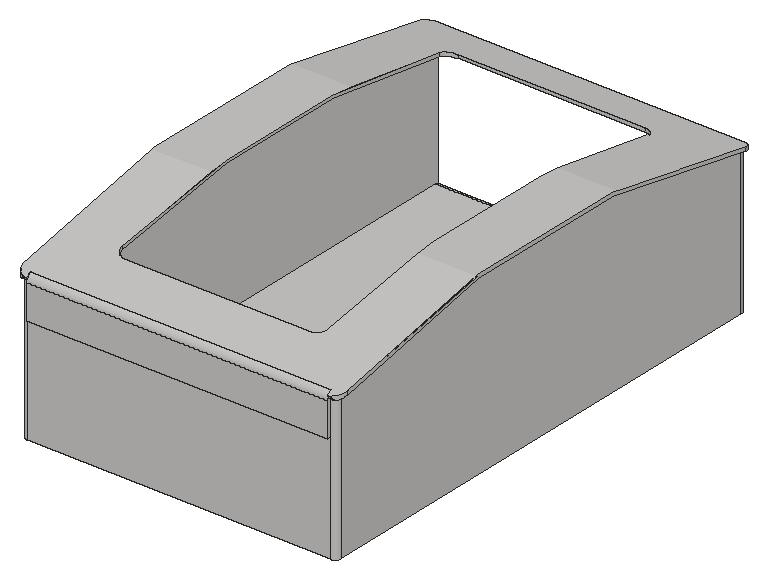
Revit family "PRD_AR_DspnsrsAndAccptncUnts_STRATOSHygieneBagDispenser_STR615", category Specialty Equipment, host Face, Revit 2020
Family settings
  Host = Face
  Round Connector Dimension = Use Diameter
  Part Type = Normal
  OmniClass Number = 23.40.20.21
  OmniClass Title = Toilet and Bath Specialties
  Cut with Voids When Loaded = No
  Shared = No
  Room Calculation Point = No
Parameters (values of type "STR615")
  WarrantyStartDate [instance] = "1900-12-31T23:59:59"
  WarrantyGuarantorParts = "n/a"
  WarrantyGuarantorLabor = "n/a"
  WarrantyDurationUnit = "year"
  WarrantyDurationParts = "n/a"
  WarrantyDurationLabor = "n/a"
  WarrantyDescription = "n/a"
  Version = "1"
  Uniclass2015Version = "Products v1.10"
  Uniclass2015Title = "Dispensers and acceptance units"
  Uniclass2015Code = "Pr_40_70_22"
  URL = "www.kwc-professional.com"
  TypeOfOperation = "Manual operation"
  TypeOfMounting = "Wall mounting"
  TypeOfFixing = "Screw"
  TypeOfConsumable = "Hygiene bag"
  TagNumber [instance] = "n/a"
  SustainabilityPerformance = "n/a"
  Style = "Hygiene bag dispenser"
  Size = "156 x 250 x 90 mm"
  Shape = "n/a"
  SerialNumber [instance] = "n/a"
  Revision = "n/a"
  ReplacementCost = "n/a"
  ProductInformation = "http://pim.kwc.com/product/3600008869/attachment/datasheet?locale=en"
  NominalWidth = 156.00 mm
  NominalHeight = 250.00 mm
  NominalDepth = 90.00 mm
  NetWeight = 1.44 kg
  Name = "STRATOS Hygiene Bag Dispenser STR615"
  NBSTypeID = "n/a"
  NBSReference = "n/a"
  NBSOfficeMasterTag = "n/a"
  NBSNote = "n/a"
  NBSDescription = "n/a"
  NBSCertification = "n/a"
  ModelReference = "STR615"
  ModelNumber = "3600008869"
  Model = ModelReference  # "STR615"
  MaterialThickness = "1.50 mm"
  MaterialCode = "1.4301"
  Material = "stainless steel"
  ManufacturerURL = "www.kwc-professional.com"
  ManufacturerName = "KWC Group Management AG"  # constant formula
  Manufacturer = ManufacturerName  # "KWC Group Management AG"
  MainColor = "stainless steel"
  Lock = "No lock"
  IsBuiltIn = "TRUE"
  IntegralAccessories = "incl. stainless steel screws and dowels"
  InstallationDate [instance] = "1900-12-31T23:59:59"
  IfcExportType = "USERDEFINED"
  IfcExportAs = "IfcFurnitureType"
  GrossWeight = 1.67 kg
  Grade = "n/a"
  Finish = "satin finished"
  FillingQuantityUom = "Pieces"
  FillingQuantity = "100"
  Features = "stainless steel, surface satin finished"
  ExpectedLife = "n/a"
  DurationUnit = "year"
  DispenserMaterial = PRD_AR_StainlessSteel_SatinFinished
  Description = "STRATOS hygienic bag dispenser for wall mounting, stainless steel, surface satin finished, material thickness 1.2 mm, curved front with inspection window, incl. mounting material."
  Default Elevation = 900.00 mm
  CreatedOn = "09/2024"  # constant formula
  Constituents = "n/a"
  Color = "n/a"
  CodePerformance = "n/a"
  Category = "Pr_40_70_22, Dispensers and acceptance units"
  BarCode [instance] = "n/a"
  BIMObjectName = "PRD_AR_DispensersAndAcceptanceUnits_STRATOSHygieneBagDispenser_STR615"
  Author = "Archispace"  # constant formula
  AssetType = "Fixed"
  AssetIdentifier [instance] = "n/a"
  AccessibilityPerformance = "n/a"
Reference planes
  plane 1 "Center (Front/Back)": y = 0
  plane 2: z = 0
  plane 3 "Center (Left/Right)": x = 0
Dimensions and locks
  aligned and locked: plane 2 to host face
  aligned and locked: level to host face
Nested families
  nested 1: "STRX615" at (0, 0, 0), type "STRX615"
Definition of nested family "STRX615"
  Parameters (values of type "FRK201069")
    Material = none
    Default Elevation = 1219.20 mm
  Reference planes
    plane 1 "Center (Front/Back)": y = 0
    plane 2: z = 0
    plane 3 "Center (Left/Right)": x = 0
  Forms (mm)
    Extrusion 1, solid
      sketch origin (0, 0, 0) x (1, 0, 0) y (0, 1, 0)
        loop
          line (-250, 310) -> (-250, -309.766) -> (229.163, -309.766) -> (229.163, 310) -> (-250, 310)
      from 0 to -60
    Extrusion 2, solid, material <- "Material", detail levels fine
      sketch origin (0, -0.2, 0) x (0, 1, 0) y (0, 0, 1)
        loop
          line (123.2, 0) -> (123.2, 70.061)
          arc (123.2, 70.061) -> (0.194, 88.5) -> (-122.8, 69.987) r 418.662
          line (-122.8, 69.987) -> (-122.8, 0) -> (123.2, 0)
      from -76 to 76
    Extrusion 3, solid, material <- "Material", detail levels fine
      sketch origin (0, -0.2, 0) x (0, 1, 0) y (0, 0, 1)
        loop
          line (124.821, 69.56) -> (125.267, 70.993)
          arc (125.267, 70.993) -> (0.545, 90) -> (-124.197, 71.125) r 420.162
          line (-124.197, 71.125) -> (-123.753, 69.692)
          arc (-123.753, 69.692) -> (0.544, 88.5) -> (124.821, 69.56) r 418.662
      from -78 to 78
    Extrusion 4, void
      sketch origin (0, -0.2, 0) x (1, 0, 0) y (0, 1, 0)
        loop
          line (-78, 125.267) -> (-78, 120.267)
          arc (-78, 120.267) -> (-76.536, 123.802) -> (-73, 125.267) r 5
          line (-73, 125.267) -> (-78, 125.267)
        loop
          line (78, 125.267) -> (73, 125.267)
          arc (73, 125.267) -> (76.536, 123.802) -> (78, 120.267) r 5
          line (78, 120.267) -> (78, 125.267)
        loop
          line (-78, -124.194) -> (-73, -124.194)
          arc (-73, -124.194) -> (-76.536, -122.73) -> (-78, -119.194) r 5
          line (-78, -119.194) -> (-78, -124.194)
        loop
          line (78, -124.194) -> (78, -119.194)
          arc (78, -119.194) -> (76.536, -122.73) -> (73, -124.194) r 5
          line (73, -124.194) -> (78, -124.194)
      from 62.505 to 87.95
    Extrusion 5, void
      sketch origin (0, -0.2, 0) x (1, 0, 0) y (0, 1, 0)
        loop
          line (-76, 123.2) -> (-76, 120.2)
          arc (-76, 120.2) -> (-75.121, 122.321) -> (-73, 123.2) r 3
          line (-73, 123.2) -> (-76, 123.2)
        loop
          line (76, 123.2) -> (73, 123.2)
          arc (73, 123.2) -> (75.121, 122.321) -> (76, 120.2) r 3
          line (76, 120.2) -> (76, 123.2)
        loop
          line (-76, -122.8) -> (-73, -122.8)
          arc (-73, -122.8) -> (-75.121, -121.921) -> (-76, -119.8) r 3
          line (-76, -119.8) -> (-76, -122.8)
        loop
          line (76, -122.8) -> (76, -119.8)
          arc (76, -119.8) -> (75.121, -121.921) -> (73, -122.8) r 3
          line (73, -122.8) -> (76, -122.8)
      from 0 to 250
    Extrusion 6, void
      sketch origin (0, 0, 0) x (0, 1, 0) y (0, 0, 1)
        loop
          arc (121.25, 3.5) -> (123, 1.75) -> (121.25, 0) r 1.75
          line (121.25, 0) -> (150.493, 0) -> (150.493, 93.5) -> (-119.507, 93.5) -> (-119.507, 3.5) -> (121.25, 3.5)
      from -72.5 to 72.5
    Extrusion 7, void
      sketch origin (0, 0, 0) x (1, 0, 0) y (0, 1, 0)
        loop
          arc (-50, -94.855) -> (-48.536, -98.391) -> (-45, -99.855) r 5
          line (-45, -99.855) -> (45, -99.855)
          arc (45, -99.855) -> (48.536, -98.391) -> (50, -94.855) r 5
          line (50, -94.855) -> (50, 95.592)
          arc (50, 95.592) -> (48.536, 99.128) -> (45, 100.592) r 5
          line (45, 100.592) -> (-45, 100.592)
          arc (-45, 100.592) -> (-48.536, 99.128) -> (-50, 95.592) r 5
          line (-50, 95.592) -> (-50, -94.855)
        loop
          line (-72.51, -121.642) -> (-72.51, -127.22) -> (72.51, -127.22) -> (72.51, -121.642) -> (-72.51, -121.642)
      from 64.863 to 112.476
    Extrusion 8, solid, material <- "Material", detail levels fine
      sketch origin (0, 0, 0) x (0, 1, 0) y (0, 0, 1)
        loop
          line (-122.678, 52.131) -> (-122.678, 68.55)
          arc (-122.678, 68.55) -> (-122.401, 69.611) -> (-121.642, 70.402) r 2.173
          line (-121.642, 70.402) -> (-121.642, 71.969)
          arc (-121.642, 71.969) -> (-123.475, 70.679) -> (-124.178, 68.55) r 3.573
          line (-124.178, 68.55) -> (-124.178, 52.131) -> (-122.678, 52.131)
      from -72.51 to 72.51
    Extrusion 9, solid, material <- "Material", detail levels medium
      sketch origin (0, -0.2, 0) x (0, 1, 0) y (0, 0, 1)
        loop
          line (123.2, 0) -> (123.2, 70.061)
          arc (123.2, 70.061) -> (0.194, 88.5) -> (-122.8, 69.987) r 418.662
          line (-122.8, 69.987) -> (-122.8, 0) -> (123.2, 0)
      from -76 to 76
    Extrusion 10, solid, material <- "Material", detail levels medium
      sketch origin (0, -0.2, 0) x (0, 1, 0) y (0, 0, 1)
        loop
          line (124.821, 69.56) -> (125.267, 70.993)
          arc (125.267, 70.993) -> (0.545, 90) -> (-124.197, 71.125) r 420.162
          line (-124.197, 71.125) -> (-123.753, 69.692)
          arc (-123.753, 69.692) -> (0.544, 88.5) -> (124.821, 69.56) r 418.662
      from -78 to 78
    Extrusion 11, solid, material <- "Material", detail levels coarse
      sketch origin (0, 0, 0) x (0, 1, 0) y (0, 0, 1)
        loop
          line (123, 0) -> (123, 90) -> (-123, 90) -> (-123, 0) -> (123, 0)
      from -76 to 76
  Cuts and joins
    Extrusion 4, Extrusion 7 cuts Extrusion 3
    joined: Extrusion 3, Extrusion 8
    Extrusion 5, Extrusion 6 cuts Extrusion 2
  Dimensions and locks
    aligned and locked: plane 2 to Extrusion 1
    aligned and locked: level to Extrusion 1
